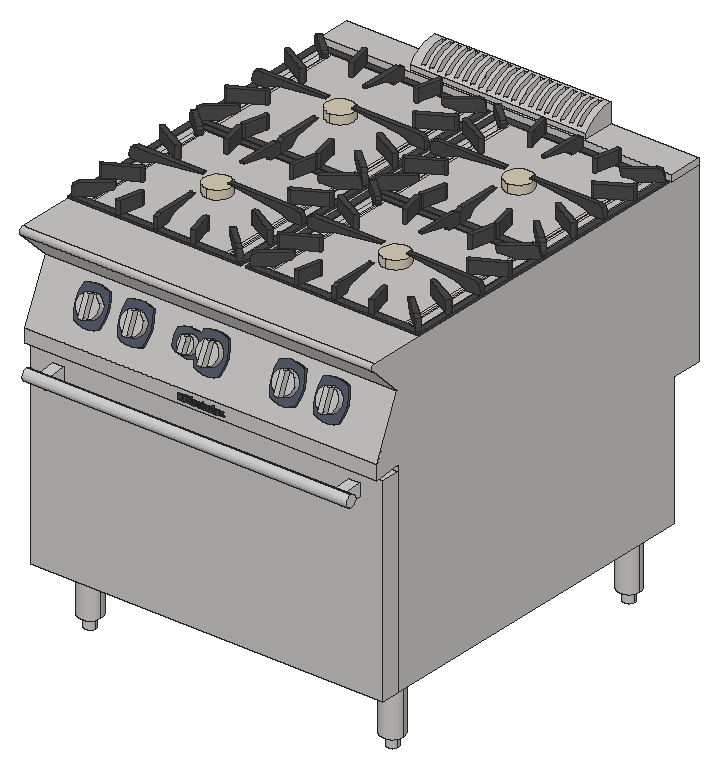
Revit family "QF_ELECTROLUXPROFESSIONAL_391461_E9AAKABBMEE", category Attrezzature speciali, Revit 2018 (continued)
Automatic sketch dimensions
  Extrusion 12 sketch curve to Extrusion 12 sketch curve = 3.062 mm
  Extrusion 12 sketch curve to Extrusion 12 sketch curve = 2.968 mm
  Extrusion 12 sketch curve to Extrusion 12 sketch curve = 5.044 mm
  Extrusion 12 sketch curve to Extrusion 12 sketch curve = 0.629 mm  (x2)
  Extrusion 12 sketch curve to Extrusion 12 sketch curve = 1.131 mm
  Extrusion 12 sketch curve to Extrusion 12 sketch curve = 0.137 mm
  Extrusion 12 sketch curve to Extrusion 12 sketch curve = 0.027 mm
  Extrusion 12 sketch curve to Extrusion 12 sketch curve = 2.235 mm
  Extrusion 13 sketch curve to Extrusion 1 = 0 mm
  Extrusion 1 to Extrusion 13 sketch curve = 9.61 mm
  Extrusion 13 sketch curve to Extrusion 1 = 0.775 mm
  Extrusion 1 to Extrusion 13 sketch curve = 0.1 mm
  Extrusion 15 sketch curve to plane 12 = 298.908 mm
  plane 5 "FRONT" to Extrusion 15 sketch curve = 18.336 mm
  Extrusion 15 sketch curve to Extrusion 15 sketch curve = 3.343 mm
  Extrusion 15 sketch curve to Extrusion 15 sketch curve = 2.066 mm
  Extrusion 15 sketch curve to Extrusion 15 sketch curve = 0 mm  (x2)
  Extrusion 15 sketch curve to Extrusion 15 sketch curve = 1.593 mm
  Extrusion 15 sketch curve to Extrusion 15 sketch curve = 5.756 mm
  Extrusion 15 sketch curve to Extrusion 15 sketch curve = 4.906 mm
  Extrusion 15 sketch curve to Extrusion 15 sketch curve = 5.312 mm
  plane 5 "FRONT" to Extrusion 15 sketch curve = 9.206 mm
  Extrusion 15 sketch curve to Extrusion 15 sketch curve = 11.3 mm
  Extrusion 15 sketch curve to Extrusion 15 sketch curve = 28.009 mm
  Extrusion 15 sketch curve to Extrusion 15 sketch curve = 2.83 mm
  Extrusion 16 sketch curve to plane 12 = 298.908 mm
  plane 5 "FRONT" to Extrusion 16 sketch curve = 18.336 mm
  Extrusion 16 sketch curve to Extrusion 16 sketch curve = 3.343 mm
  Extrusion 16 sketch curve to Extrusion 16 sketch curve = 2.066 mm
  Extrusion 16 sketch curve to Extrusion 16 sketch curve = 0 mm  (x2)
  Extrusion 16 sketch curve to Extrusion 16 sketch curve = 1.593 mm
  Extrusion 16 sketch curve to Extrusion 16 sketch curve = 5.756 mm
  Extrusion 16 sketch curve to Extrusion 16 sketch curve = 4.906 mm
  Extrusion 16 sketch curve to Extrusion 16 sketch curve = 5.312 mm
  plane 5 "FRONT" to Extrusion 16 sketch curve = 9.206 mm
  Extrusion 16 sketch curve to Extrusion 16 sketch curve = 11.3 mm
  Extrusion 16 sketch curve to Extrusion 16 sketch curve = 28.009 mm
  Extrusion 16 sketch curve to Extrusion 16 sketch curve = 11.2 mm
  plane 5 "FRONT" to Extrusion 19 sketch curve = 0 mm  (x2)
  plane 1 "BACK" to Extrusion 19 sketch curve = 0 mm
  Extrusion 19 sketch curve to plane 3 "LEFT" = 0 mm
  Extrusion 19 sketch curve to plane 4 "RIGHT" = 0 mm
  Extrusion 19 sketch curve to plane 3 "LEFT" = 100.013 mm
  Extrusion 19 sketch curve to Extrusion 19 sketch curve = 100.013 mm
  Extrusion 19 sketch curve to plane 1 "BACK" = 100.013 mm
  Extrusion 1 sketch curve to plane 5 "FRONT" = 7.973 mm
  Extrusion 1 sketch curve to plane 5 "FRONT" = 13.51 mm
  plane 15 to Extrusion 1 sketch curve = 57.381 mm
  Extrusion 15 sketch curve to plane 5 "FRONT" = 29.472 mm
  Extrusion 16 sketch curve to plane 5 "FRONT" = 29.472 mm
  Extrusion 17 sketch curve to Extrusion 13 = 0 mm  (x2)
  Extrusion 17 sketch curve to Extrusion 13 = 3.712 mm
  Extrusion 17 sketch curve to Extrusion 13 = 0.003 mm
  Extrusion 13 to Extrusion 17 sketch curve = 3.53 mm
  plane 4 "RIGHT" to Revolve 3 sketch curve = 55.563 mm
  Revolve 3 sketch curve to Revolve 3 sketch curve = 0 mm
  plane 4 "RIGHT" to Revolve 4 sketch curve = 55.562 mm
  Revolve 4 sketch curve to Revolve 4 sketch curve = 0 mm
  Extrusion 9 sketch curve to Extrusion 9 sketch curve = 15.898 mm
  plane 5 "FRONT" to curve 1 = 0 mm
  curve 10 to plane 3 "LEFT" = 0 mm
  plane 17 to curve 10 = 0 mm
  curve 8 to plane 4 "RIGHT" = 0 mm
  plane 5 "FRONT" to curve 6 = 0 mm
  curve 1 to plane 3 "LEFT" = 100.013 mm
  plane 4 "RIGHT" to curve 10 = 0.1 mm
  curve 3 to plane 4 "RIGHT" = 100.013 mm
  curve 3 to plane 5 "FRONT" = 0.396 mm
  curve 11 to plane 5 "FRONT" = 1.275 mm
  plane 11 to curve 7 = 4.762 mm
  curve 2 to plane 1 "BACK" = 100.013 mm
  plane 13 to curve 13 = 25.075 mm
  plane 13 to curve 20 = 5.2 mm
  curve 22 to plane 13 = 20.2 mm
  curve 17 to plane 19 = 20.2 mm
  plane 19 to curve 23 = 5.2 mm
  plane 5 "FRONT" to curve 15 = 7.706 mm
  curve 15 to curve 15 = 19.875 mm
  curve 12 to curve 15 = 25.4 mm
  curve 17 to curve 17 = 23.508 mm
  curve 12 to curve 20 = 9.598 mm
  curve 18 to curve 17 = 7.706 mm
  curve 19 to curve 20 = 7.706 mm
  plane 1 "BACK" to curve 26 = 0 mm
  curve 24 to plane 13 = 144 mm
  plane 1 "BACK" to curve 106 = 6.761 mm
  curve 24 to curve 106 = 20.698 mm
  curve 105 to curve 103 = 9.296 mm
  curve 103 to curve 102 = 9.397 mm
  curve 100 to curve 99 = 9.296 mm
  curve 99 to curve 97 = 9.397 mm
  curve 97 to curve 98 = 9.296 mm
  curve 95 to curve 93 = 9.397 mm
  curve 93 to curve 94 = 9.296 mm
  curve 91 to curve 88 = 9.397 mm
  curve 89 to curve 87 = 9.296 mm
  curve 87 to curve 85 = 9.397 mm
  curve 85 to curve 86 = 9.296 mm
  curve 83 to curve 82 = 9.397 mm
  curve 81 to curve 82 = 9.296 mm
  curve 79 to curve 78 = 9.397 mm
  curve 77 to curve 78 = 9.296 mm
  curve 75 to curve 72 = 9.397 mm
  curve 72 to curve 72 = 9.296 mm
  curve 71 to curve 68 = 9.397 mm
  curve 67 to plane 7 "Center Y" = 1.823 mm
  plane 7 "Center Y" to curve 65 = 7.574 mm
  curve 64 to curve 64 = 9.296 mm
  curve 63 to curve 61 = 9.397 mm
  curve 61 to curve 59 = 9.296 mm
  curve 59 to curve 57 = 9.397 mm
  curve 57 to curve 55 = 9.296 mm
  curve 55 to curve 53 = 9.397 mm
  curve 53 to curve 51 = 9.296 mm
  curve 51 to curve 48 = 9.397 mm
  curve 49 to curve 47 = 9.296 mm
  curve 47 to curve 45 = 9.397 mm
  curve 45 to curve 46 = 9.296 mm
  curve 43 to curve 41 = 9.397 mm
  curve 41 to curve 42 = 9.296 mm
  curve 39 to curve 37 = 9.397 mm
  curve 37 to curve 38 = 9.296 mm
  curve 35 to curve 32 = 9.397 mm
  curve 33 to curve 31 = 9.296 mm
  curve 31 to curve 28 = 9.397 mm
  curve 29 to curve 27 = 9.296 mm
  curve 30 to curve 26 = 14.847 mm
  plane 11 to curve 26 = 11.113 mm
  plane 11 to curve 104 = 17.052 mm
  plane 11 to curve 100 = 17.052 mm
  curve 100 to curve 96 = 0 mm
  curve 25 to curve 27 = 5.939 mm
  curve 95 to curve 93 = 0 mm
  curve 31 to curve 28 = 0 mm
  curve 91 to curve 89 = 0 mm
  curve 35 to curve 32 = 0 mm
  curve 87 to curve 85 = 0 mm
  curve 39 to curve 36 = 0 mm
  curve 83 to curve 81 = 0 mm
  curve 43 to curve 40 = 0 mm
  curve 79 to curve 77 = 0 mm
  curve 47 to curve 44 = 0 mm
  curve 75 to curve 73 = 0 mm
  curve 51 to curve 48 = 0 mm
  curve 71 to curve 69 = 0 mm
  curve 55 to curve 52 = 0 mm
  curve 67 to curve 65 = 0 mm
  curve 59 to curve 56 = 0 mm
  plane 1 "BACK" to curve 62 = 6.761 mm
  plane 1 "BACK" to curve 63 = 6.761 mm
  plane 1 "BACK" to curve 58 = 6.761 mm
  plane 1 "BACK" to curve 67 = 6.761 mm
  plane 1 "BACK" to curve 54 = 6.761 mm
  plane 1 "BACK" to curve 50 = 6.761 mm
  plane 1 "BACK" to curve 73 = 6.761 mm
  plane 1 "BACK" to curve 75 = 6.761 mm
  plane 1 "BACK" to curve 46 = 6.761 mm
  plane 1 "BACK" to curve 42 = 6.761 mm
  plane 1 "BACK" to curve 81 = 6.761 mm
  plane 1 "BACK" to curve 38 = 6.761 mm
  plane 1 "BACK" to curve 85 = 6.761 mm
  plane 1 "BACK" to curve 34 = 6.761 mm
  plane 1 "BACK" to curve 89 = 6.761 mm
  plane 1 "BACK" to curve 91 = 6.761 mm
  plane 1 "BACK" to curve 30 = 6.761 mm
  plane 1 "BACK" to curve 101 = 6.761 mm
  plane 1 "BACK" to curve 97 = 6.761 mm
  radius of Extrusion 10 sketch curve = 25.4 mm  (x5)
  radius of Extrusion 10 sketch curve = 19.05 mm
  radius of Extrusion 11 sketch curve to Extrusion 10 = 0 mm  (x6)
  radius of Extrusion 14 sketch curve to Extrusion 16 = 0 mm
  radius of Extrusion 18 sketch curve = 6.4 mm  (x2)
Nested families
  nested 1: "371009_BURNER" at (393.7, -440.488, 0) x (-1, 0, 0) z (0, 0, 1), type "371009_BURNER"
    with Type Mark "", Status "", Specification by User "", Revision Code "", Item Number "", Installed By "", Identify Quantity as Lot yes, Furnished By "", Foodservice Equipment Identifier yes
  nested 2: "371009_BURNER" at (393.7, -440.488, 0) x (-1, 0, 0) z (0, 0, 1), type "371009_BURNER"
    with Type Mark "", Status "", Specification by User "", Revision Code "", Item Number "", Installed By "", Identify Quantity as Lot yes, Furnished By "", Foodservice Equipment Identifier yes
  nested 3: "371009_BURNER" at (406.4, -440.488, 0), type "371009_BURNER"
    with Type Mark "", Status "", Specification by User "", Revision Code "", Item Number "", Installed By "", Identify Quantity as Lot yes, Furnished By "", Foodservice Equipment Identifier yes
  nested 4: "371009_BURNER" at (406.4, -440.488, 0), type "371009_BURNER"
    with Type Mark "", Status "", Specification by User "", Revision Code "", Item Number "", Installed By "", Identify Quantity as Lot yes, Furnished By "", Foodservice Equipment Identifier yes
Connectors
  piping at (749.3, -665.163, 128.587), diameter 12.8
    settings: on Extrusion 18, index 1, connector inside diameter 0.50394", connector length 0 mm, flow factor 0, pipe flow 0 GPM, pressure drop 0.00 psi, fitting loss kfactor 0, connector angle 0.00°, fixture units 0, engagement length 0 mm, angle of deflection 0.00°, flow configuration 1, flow direction 1, fitting loss method 0, system type 7, joint type 0, gender type 0, connector reference index -1, connector utility 0, adjustable connector no, is connector primary yes, connector description "GAS CONNECTION"
Definition of nested family "371009_BURNER"
  Parameters
    Weight in Pounds = 0
    URL Cutsheet = ""
    URL = "www.electrolux.com"
    Type Mark [instance] = ""
    Status [instance] = ""
    Specification by User [instance] = ""
    Specification by Manufacturer = ""
    Show Clearance [instance] = yes
    Serial Number = ""
    Seismic Rating = ""
    SMACNA No = ""
    Revision Code [instance] = ""
    Omniclass Number and Title = ""
    NAFEM Spec ID Number = ""
    Model = "371009"
    Masterspec = ""
    Manufacturer = "ELECTROLUX"
    Item Number [instance] = ""
    Installed By [instance] = ""
    Identify Quantity as Lot [instance] = yes
    Furnished By [instance] = ""
    Foodservice Equipment Identifier [instance] = yes
    Description = ""
    CSI MasterFormat = ""
    CSI Master Format = ""
  Reference planes
    plane 1 "BACK": y = 0
    plane 2: z = 0
    plane 3 "LEFT": x = 0
    plane 4 "RIGHT": x = 393.7
    plane 5 "FRONT": y = -355.6
    plane 6 "TOP": z = 908.85
    plane 7 "Center Y": x = 196.85
    plane 8 "Center X": y = -177.8
    plane 9 "Base": z = 150
    plane 10: z = 850.85
  Forms (mm)
    Extrusion 1, solid
      sketch origin (-6.433, -404.961, 5) x (1, 0, 0) y (0, 0, -1)
        loop
          arc (7.142, -850.85) -> (6.739, -862.989) -> (9.761, -874.752) r 42.809
          line (9.761, -874.752) -> (19.961, -879.425) -> (173.122, -879.425)
          arc (173.122, -879.425) -> (174.316, -878.312) -> (173.289, -877.043) r 1.197
          line (173.289, -877.043) -> (64.848, -864.021)
          arc (64.848, -864.021) -> (50.111, -858.738) -> (36.589, -850.85) r 85.245
          line (36.589, -850.85) -> (7.142, -850.85)
        loop
          line (399.424, -850.85) -> (369.977, -850.85)
          arc (369.977, -850.85) -> (356.455, -858.738) -> (341.718, -864.021) r 85.245
          line (341.718, -864.021) -> (233.277, -877.043)
          arc (233.277, -877.043) -> (232.25, -878.312) -> (233.444, -879.425) r 1.197
          line (233.444, -879.425) -> (386.605, -879.425) -> (396.806, -874.752)
          arc (396.806, -874.752) -> (399.827, -862.989) -> (399.424, -850.85) r 42.809
      from 224.564 to 234.564
    Extrusion 2, solid
      sketch origin (196.85, 175.397, 1219.2) x (0, 1, 0) y (0, 0, 1)
        loop
          line (-204.463, -363.35) -> (-175.397, -363.35) -> (-175.397, -339.506)
          arc (-175.397, -339.506) -> (-181.025, -338.266) -> (-185.611, -334.775) r 13.39
          line (-185.611, -334.775) -> (-278.903, -334.775)
          arc (-278.903, -334.775) -> (-280.097, -335.888) -> (-279.07, -337.157) r 1.197
          line (-279.07, -337.157) -> (-227.151, -347.464)
          arc (-227.151, -347.464) -> (-213.741, -352.457) -> (-204.463, -363.35) r 28.426
        loop
          arc (-496.332, -363.35) -> (-487.053, -352.457) -> (-473.644, -347.464) r 28.426
          line (-473.644, -347.464) -> (-421.725, -337.157)
          arc (-421.725, -337.157) -> (-420.697, -335.888) -> (-421.891, -334.775) r 1.197
          line (-421.891, -334.775) -> (-515.184, -334.775)
          arc (-515.184, -334.775) -> (-519.769, -338.266) -> (-525.397, -339.506) r 13.39
          line (-525.397, -339.506) -> (-525.397, -363.35) -> (-496.332, -363.35)
      from -5 to 5
    Extrusion 3, solid
      sketch origin (-6.433, 367.064, 850.85) x (0, -1, 0) y (1, 0, 0)
        loop
          line (722.664, 6.433) -> (722.664, 400.133) -> (367.064, 400.133) -> (367.064, 6.433) -> (722.664, 6.433)
        loop
          line (382.064, 21.433) -> (707.664, 21.433) -> (707.664, 385.133) -> (382.064, 385.133) -> (382.064, 21.433)
      from 0 to 5
    Extrusion 4, solid
      sketch origin (-18.933, 367.064, 855.85) x (0, -1, 0) y (1, 0, 0)
        loop
          circle (541.667, 215.783) r 30
      from -1.321 to 17.134
    Extrusion 5, solid
      sketch origin (-6.433, -367.064, 0) x (1, 0, 0) y (0, 0, -1)
        loop
          line (21.433, -855.85) -> (36.589, -855.85)
          arc (36.589, -855.85) -> (40.561, -855.243) -> (44.305, -853.783) r 18.259
          arc (44.305, -853.783) -> (45.997, -853.366) -> (47.69, -853.783) r 3.649
          arc (47.69, -853.783) -> (49.901, -854.522) -> (52.232, -854.529) r 7.328
          line (52.232, -854.529) -> (354.334, -854.529)
          arc (354.334, -854.529) -> (356.666, -854.522) -> (358.877, -853.783) r 7.328
          arc (358.877, -853.783) -> (360.569, -853.366) -> (362.261, -853.783) r 3.649
          arc (362.261, -853.783) -> (366.005, -855.243) -> (369.977, -855.85) r 18.259
          line (369.977, -855.85) -> (385.133, -855.85) -> (385.133, -850.85) -> (21.433, -850.85) -> (21.433, -855.85)
      from 26.464 to 352.064
    Extrusion 6, solid
      sketch origin (83.284, -458.334, 5) x (0.742103, 0.670286, 0) y (0, 0, -1)
        loop
          arc (88.629, -864.012) -> (73.909, -858.731) -> (60.402, -850.85) r 85.245
          line (60.402, -850.85) -> (14.993, -850.85)
          arc (14.993, -850.85) -> (14.642, -862.948) -> (17.686, -874.663) r 42.876
          line (17.686, -874.663) -> (27.899, -879.425) -> (89.664, -879.425)
          arc (89.664, -879.425) -> (92.39, -878.352) -> (93.654, -875.709) r 4
          arc (93.654, -875.709) -> (92.562, -869.25) -> (88.629, -864.012) r 13.87
        loop
          arc (457.638, -864.012) -> (453.704, -869.25) -> (452.613, -875.709) r 13.87
          arc (452.613, -875.709) -> (453.876, -878.352) -> (456.603, -879.425) r 4
          line (456.603, -879.425) -> (518.367, -879.425) -> (528.581, -874.663)
          arc (528.581, -874.663) -> (531.624, -862.948) -> (531.273, -850.85) r 42.876
          line (531.273, -850.85) -> (485.865, -850.85)
          arc (485.865, -850.85) -> (472.357, -858.731) -> (457.638, -864.012) r 85.245
      from 127.064 to 137.064
    Extrusion 7, solid
      sketch origin (310.416, -458.334, 5) x (-0.742103, 0.670286, 0) y (0, 0, 1)
        loop
          arc (88.629, 864.012) -> (92.562, 869.25) -> (93.654, 875.709) r 13.87
          arc (93.654, 875.709) -> (92.39, 878.352) -> (89.664, 879.425) r 4
          line (89.664, 879.425) -> (27.899, 879.425) -> (17.686, 874.663)
          arc (17.686, 874.663) -> (14.642, 862.948) -> (14.993, 850.85) r 42.876
          line (14.993, 850.85) -> (60.402, 850.85)
          arc (60.402, 850.85) -> (73.909, 858.731) -> (88.629, 864.012) r 85.245
        loop
          arc (457.638, 864.012) -> (472.357, 858.731) -> (485.865, 850.85) r 85.245
          line (485.865, 850.85) -> (531.273, 850.85)
          arc (531.273, 850.85) -> (531.624, 862.948) -> (528.581, 874.663) r 42.876
          line (528.581, 874.663) -> (518.367, 879.425) -> (456.603, 879.425)
          arc (456.603, 879.425) -> (453.876, 878.352) -> (452.613, 875.709) r 4
          arc (452.613, 875.709) -> (453.704, 869.25) -> (457.638, 864.012) r 13.87
      from 127.064 to 137.064
    Extrusion 8, solid
      sketch origin (-6.433, 367.064, 855.85) x (0, -1, 0) y (1, 0, 0)
        loop
          arc (626.166, 9.428) -> (632.956, 7.454) -> (634.93, 14.244) r 5
          line (634.93, 14.244) -> (600.514, 76.878)
          arc (600.514, 76.878) -> (593.724, 78.852) -> (591.75, 72.062) r 5
          line (591.75, 72.062) -> (626.166, 9.428)
        loop
          line (463.562, 9.428) -> (497.977, 72.062)
          arc (497.977, 72.062) -> (496.003, 78.852) -> (489.213, 76.878) r 5
          line (489.213, 76.878) -> (454.798, 14.244)
          arc (454.798, 14.244) -> (456.772, 7.454) -> (463.562, 9.428) r 5
        loop
          line (626.166, 397.138) -> (591.75, 334.504)
          arc (591.75, 334.504) -> (593.724, 327.714) -> (600.514, 329.689) r 5
          line (600.514, 329.689) -> (634.93, 392.323)
          arc (634.93, 392.323) -> (632.956, 399.113) -> (626.166, 397.138) r 5
        loop
          arc (463.562, 397.138) -> (456.772, 399.113) -> (454.798, 392.323) r 5
          line (454.798, 392.323) -> (489.213, 329.689)
          arc (489.213, 329.689) -> (496.003, 327.714) -> (497.977, 334.504) r 5
          line (497.977, 334.504) -> (463.562, 397.138)
        loop
          line (715.14, 293.499) -> (666.703, 282.317)
          arc (666.703, 282.317) -> (662.956, 276.32) -> (668.953, 272.573) r 5
          line (668.953, 272.573) -> (717.389, 283.756)
          arc (717.389, 283.756) -> (721.136, 289.752) -> (715.14, 293.499) r 5
        loop
          arc (715.14, 113.067) -> (721.136, 116.814) -> (717.389, 122.811) r 5
          line (717.389, 122.811) -> (668.953, 133.993)
          arc (668.953, 133.993) -> (662.956, 130.246) -> (666.703, 124.249) r 5
          line (666.703, 124.249) -> (715.14, 113.067)
        loop
          arc (374.588, 293.499) -> (368.591, 289.752) -> (372.338, 283.756) r 5
          line (372.338, 283.756) -> (420.775, 272.573)
          arc (420.775, 272.573) -> (426.771, 276.32) -> (423.024, 282.317) r 5
          line (423.024, 282.317) -> (374.588, 293.499)
        loop
          line (374.588, 113.067) -> (423.024, 124.249)
          arc (423.024, 124.249) -> (426.771, 130.246) -> (420.775, 133.993) r 5
          line (420.775, 133.993) -> (372.338, 122.811)
          arc (372.338, 122.811) -> (368.591, 116.814) -> (374.588, 113.067) r 5
      from 0 to 28.575
  Lines and regions (mm)
    symbolic lines
      curve 1: line (0, -355.6, 150) -> (393.7, -355.6, 150)
      curve 2: line (0, 0, 150) -> (0, -355.6, 150)
      curve 3: line (393.7, -355.6, 150) -> (393.7, 0, 150)
      curve 4: line (369.633, -15, 150) -> (285.34, -15, 150)
      curve 5: line (24.067, -340.6, 150) -> (108.36, -340.6, 150)
      curve 6: line (157.475, -170.397, 150) -> (157.475, -15, 150)
      curve 7: line (236.225, -170.397, 150) -> (236.225, -15, 150)
      curve 8: line (201.85, -350, 150) -> (201.85, -176.674, 150)
      curve 9: line (0, -180.397, 150) -> (167.224, -180.397, 150)
      curve 10: line (393.7, -170.397, 150) -> (228.275, -170.397, 150)
      curve 11: line (15, -180.397, 150) -> (15, -252.506, 150)
      curve 12: line (45.799, -340.6, 150) -> (45.799, -320.971, 150)
      curve 13: line (167.224, -170.397, 150) -> (0, -170.397, 150)
      curve 14: line (228.275, -180.504, 150) -> (393.7, -180.504, 150)
      curve 15: arc (228.275, -170.397, 150) -> (223.221, -175.45, 150) -> (228.275, -180.504, 150) r 5.054
      curve 16: arc (167.224, -170.397, 150) -> (172.224, -175.397, 150) -> (167.224, -180.397, 150) r 5
      curve 17: line (191.85, -176.674, 150) -> (191.85, -350, 150)
      curve 18: line (201.85, -134.556, 150) -> (201.85, -0.794, 150)
      curve 19: arc (201.85, -176.674, 150) -> (196.85, -171.674, 150) -> (191.85, -176.674, 150) r 5
      curve 20: arc (201.85, -134.556, 150) -> (196.85, -139.556, 150) -> (191.85, -134.556, 150) r 5
      curve 21: line (191.85, -15, 150) -> (118.623, -15, 150)
      curve 22: arc (201.85, -29.042, 150) -> (213.272, -50.008, 150) -> (201.85, -70.973, 150) r 24.953
      curve 23: arc (213.086, -53.048, 150) -> (214.5, -50.008, 150) -> (213.086, -46.967, 150) r 3.975
      curve 24: arc (191.85, -29.852, 150) -> (181.339, -50.008, 150) -> (191.85, -70.163, 150) r 24.58
      curve 25: arc (181.527, -53.042, 150) -> (179.976, -50.008, 150) -> (181.527, -46.973, 150) r 3.745
      curve 26: line (191.85, -0.794, 150) -> (191.85, -134.556, 150)
      curve 27: line (191.85, -350, 150) -> (201.85, -350, 150)
      curve 28: line (191.85, -11.007, 150) -> (201.85, -11.007, 150)
      curve 29: line (191.85, -0.794, 150) -> (201.85, -0.794, 150)
      curve 30: line (201.85, -340.6, 150) -> (275.077, -340.6, 150)
      curve 31: arc (196.85, -145.397, 0) -> (166.955, -172.888, 0) -> (191.85, -204.977, 0) r 30
      curve 32: arc (201.85, -204.977, 0) -> (226.745, -172.888, 0) -> (196.85, -145.397, 0) r 30
      curve 33: arc (158.678, -180.397, 0) -> (170.734, -200.207, 0) -> (191.85, -209.795, 0) r 39.375
      curve 34: line (163.825, -170.397, 150) -> (163.825, -15, 150)
      curve 35: line (229.875, -170.397, 150) -> (229.875, -15, 150)
      curve 36: line (144.775, -170.397, 150) -> (144.775, -15, 150)
      curve 37: line (248.925, -170.397, 150) -> (248.925, -15, 150)
      curve 38: arc (145.678, -180.397, 0) -> (161.728, -209.187, 0) -> (191.85, -222.573, 0) r 52.075
      curve 39: arc (201.85, -209.795, 0) -> (222.966, -200.207, 0) -> (235.022, -180.397, 0) r 39.375
      curve 40: arc (201.85, -222.573, 0) -> (231.931, -209.224, 0) -> (248.001, -180.504, 0) r 52.075
      curve 41: line (393.7, 0, 0) -> (0, 0, 0)
      curve 42: line (70.445, -122.149, 0) -> (7.81, -87.734, 0)
      curve 43: arc (7.81, -87.734, 0) -> (1.021, -89.708, 0) -> (2.995, -96.498, 0) r 5
      curve 44: line (2.995, -96.498, 0) -> (65.629, -130.914, 0)
      curve 45: arc (65.629, -130.914, 0) -> (72.419, -128.939, 0) -> (70.445, -122.149, 0) r 5
      curve 46: line (65.629, -224.686, 0) -> (2.995, -259.102, 0)
      curve 47: arc (2.995, -259.102, 0) -> (1.021, -265.892, 0) -> (7.81, -267.866, 0) r 5
      curve 48: line (7.81, -267.866, 0) -> (70.445, -233.451, 0)
      curve 49: arc (70.445, -233.451, 0) -> (72.419, -226.661, 0) -> (65.629, -224.686, 0) r 5
      curve 50: line (323.255, -122.149, 0) -> (385.89, -87.734, 0)
      curve 51: arc (385.89, -87.734, 0) -> (392.679, -89.708, 0) -> (390.705, -96.498, 0) r 5
      curve 52: line (390.705, -96.498, 0) -> (328.071, -130.914, 0)
      curve 53: arc (328.071, -130.914, 0) -> (321.281, -128.939, 0) -> (323.255, -122.149, 0) r 5
      curve 54: line (328.071, -224.686, 0) -> (390.705, -259.102, 0)
      curve 55: arc (390.705, -259.102, 0) -> (392.679, -265.892, 0) -> (385.89, -267.866, 0) r 5
      curve 56: line (385.89, -267.866, 0) -> (323.255, -233.451, 0)
      curve 57: arc (323.255, -233.451, 0) -> (321.281, -226.661, 0) -> (328.071, -224.686, 0) r 5
      curve 58: line (118.623, -340.6, 150) -> (191.85, -340.6, 150)
      curve 59: line (285.34, -340.6, 150) -> (369.633, -340.6, 150)
      curve 60: line (378.7, -335.314, 0) -> (378.7, -263.916, 0)
      curve 61: line (1.326, -7.935, 0) -> (58.752, -59.804, 0)
      curve 62: line (65.455, -52.383, 0) -> (8.029, -0.514, 0)
      curve 63: arc (58.752, -59.804, 0) -> (65.814, -59.445, 0) -> (65.455, -52.383, 0) r 5
      curve 64: line (1.326, -7.935, 0) -> (8.029, -0.514, 0)
      curve 65: line (392.374, -7.935, 0) -> (334.948, -59.804, 0)
      curve 66: line (328.245, -52.383, 0) -> (385.671, -0.514, 0)
      curve 67: arc (334.948, -59.804, 0) -> (327.886, -59.445, 0) -> (328.245, -52.383, 0) r 5
      curve 68: line (392.374, -7.935, 0) -> (385.671, -0.514, 0)
      curve 69: line (392.374, -347.665, 0) -> (334.948, -295.796, 0)
      curve 70: line (328.245, -303.217, 0) -> (385.671, -355.086, 0)
      curve 71: arc (334.948, -295.796, 0) -> (327.886, -296.155, 0) -> (328.245, -303.217, 0) r 5
      curve 72: line (392.374, -347.665, 0) -> (385.671, -355.086, 0)
      curve 73: line (1.326, -347.665, 0) -> (58.752, -295.796, 0)
      curve 74: line (65.455, -303.217, 0) -> (8.029, -355.086, 0)
      curve 75: arc (58.752, -295.796, 0) -> (65.814, -296.155, 0) -> (65.455, -303.217, 0) r 5
      curve 76: line (1.326, -347.665, 0) -> (8.029, -355.086, 0)
      curve 77: line (347.901, -15, 0) -> (347.901, -34.629, 0)
      curve 78: line (347.901, -320.971, 0) -> (347.901, -340.6, 0)
      curve 79: line (378.7, -252.506, 0) -> (378.7, -180.397, 0)
      curve 80: line (347.901, -246.993, 0) -> (347.901, -307.496, 0)
      curve 81: line (378.7, -170.397, 0) -> (378.7, -103.094, 0)
      curve 82: line (347.901, -180.397, 0) -> (347.901, -235.582, 0)
      curve 83: line (378.7, -91.684, 0) -> (378.7, -20.286, 0)
      curve 84: line (347.901, -120.018, 0) -> (347.901, -170.397, 0)
      curve 85: line (347.901, -48.104, 0) -> (347.901, -108.607, 0)
      curve 86: line (275.077, -15, 150) -> (201.85, -15, 150)
      curve 87: line (108.36, -15, 150) -> (24.067, -15, 150)
      curve 88: line (45.799, -40, 150) -> (45.799, -15, 150)
      curve 89: line (45.799, -108.607, 150) -> (45.799, -40, 150)
      curve 90: line (15, -20.286, 0) -> (15, -91.684, 0)
      curve 91: line (15, -103.094, 0) -> (15, -170.397, 0)
      curve 92: line (45.799, -170.397, 150) -> (45.799, -120.018, 150)
      curve 93: line (45.799, -235.582, 150) -> (45.799, -180.397, 150)
      curve 94: line (15, -263.916, 150) -> (15, -335.314, 150)
      curve 95: line (45.799, -307.496, 150) -> (45.799, -246.993, 150)
      curve 96: line (116.378, -350.325, 0) -> (127.56, -301.889, 0)
      curve 97: arc (127.56, -301.889, 0) -> (123.813, -295.892, 0) -> (117.816, -299.64, 0) r 5
      curve 98: line (117.816, -299.64, 0) -> (106.634, -348.076, 0)
      curve 99: arc (106.634, -348.076, 0) -> (110.381, -354.072, 0) -> (116.378, -350.325, 0) r 5
      curve 100: line (266.14, -301.889, 0) -> (277.322, -350.325, 0)
      curve 101: arc (277.322, -350.325, 0) -> (283.319, -354.072, 0) -> (287.066, -348.076, 0) r 5
      curve 102: line (287.066, -348.076, 0) -> (275.884, -299.64, 0)
      curve 103: arc (275.884, -299.64, 0) -> (269.887, -295.892, 0) -> (266.14, -301.889, 0) r 5
      curve 104: line (275.884, -55.96, 0) -> (287.066, -7.524, 0)
      curve 105: arc (287.066, -7.524, 0) -> (283.319, -1.528, 0) -> (277.322, -5.275, 0) r 5
      curve 106: line (277.322, -5.275, 0) -> (266.14, -53.711, 0)
      curve 107: arc (266.14, -53.711, 0) -> (269.887, -59.708, 0) -> (275.884, -55.96, 0) r 5
      curve 108: line (127.56, -53.711, 0) -> (116.378, -5.275, 0)
      curve 109: arc (116.378, -5.275, 0) -> (110.381, -1.528, 0) -> (106.634, -7.524, 0) r 5
      curve 110: line (106.634, -7.524, 0) -> (117.816, -55.96, 0)
      curve 111: arc (117.816, -55.96, 0) -> (123.813, -59.708, 0) -> (127.56, -53.711, 0) r 5
  Dimensions and locks
    equal spacing: plane 3 "LEFT", plane 7 "Center Y", plane 4 "RIGHT"
    plane 3 "LEFT" to plane 4 "RIGHT" = 393.7 mm
    equal spacing: plane 5 "FRONT", plane 8 "Center X", plane 1 "BACK"
    plane 5 "FRONT" to plane 1 "BACK" = 355.6 mm
    plane 6 "TOP" to level = 908.85 mm
    plane 9 "Base" to level = 150 mm
    plane 6 "TOP" to plane 10 = 58 mm  (x2)
    locked: Extrusion 4 sketch curve to plane 7 "Center Y" at 0
    aligned and locked: level to plane 2
  Automatic sketch dimensions
    curve 10 to plane 4 "RIGHT" = 0 mm
    curve 20 to plane 7 "Center Y" = 0 mm
    curve 19 to plane 7 "Center Y" = 0 mm
    curve 9 to plane 3 "LEFT" = 0 mm
    plane 1 "BACK" to curve 2 = 0 mm
    plane 1 "BACK" to curve 3 = 0 mm
    plane 5 "FRONT" to curve 2 = 0 mm
    curve 4 to plane 4 "RIGHT" = 24.067 mm
    curve 59 to plane 4 "RIGHT" = 24.067 mm
    plane 1 "BACK" to curve 37 = 15 mm
    plane 7 "Center Y" to curve 37 = 52.075 mm
    curve 37 to curve 7 = 12.7 mm
    curve 7 to curve 35 = 6.35 mm
    plane 8 "Center X" to curve 15 = 2.35 mm
    curve 35 to curve 15 = 1.6 mm
    plane 7 "Center Y" to curve 23 = 16.236 mm
    curve 23 to curve 23 = 0 mm
    curve 23 to curve 23 = 2.56 mm
    curve 23 to curve 24 = 4.607 mm
    plane 7 "Center Y" to curve 86 = 5 mm
    plane 7 "Center Y" to curve 27 = 5 mm
    curve 22 to plane 7 "Center Y" = 8.531 mm
    curve 22 to curve 25 = 4.597 mm
    curve 25 to curve 25 = 2.194 mm  (x2)
    curve 9 to plane 8 "Center X" = 2.597 mm
    curve 17 to curve 9 = 24.626 mm
    curve 21 to curve 34 = 28.025 mm
    curve 34 to curve 6 = 6.35 mm
    plane 8 "Center X" to curve 36 = 7.403 mm
    curve 6 to curve 36 = 12.7 mm
    plane 3 "LEFT" to curve 12 = 45.799 mm
    plane 3 "LEFT" to curve 87 = 24.067 mm
    plane 3 "LEFT" to curve 5 = 24.067 mm
    plane 1 "BACK" to curve 26 = 0.794 mm
    curve 28 to curve 86 = 3.993 mm
    curve 28 to curve 21 = 3.993 mm
    curve 86 to curve 22 = 14.042 mm
    curve 22 to curve 24 = 0.81 mm
    curve 22 to curve 23 = 17.925 mm
    curve 25 to curve 22 = 3.035 mm
    plane 8 "Center X" to curve 26 = 43.244 mm
    curve 15 to curve 15 = 5.054 mm
    plane 8 "Center X" to curve 17 = 1.126 mm
    curve 94 to curve 12 = 5.286 mm
    curve 58 to plane 5 "FRONT" = 15 mm
    curve 59 to plane 5 "FRONT" = 15 mm
    curve 8 to plane 5 "FRONT" = 5.6 mm
    plane 3 "LEFT" to Extrusion 1 sketch curve = 0.709 mm
    plane 3 "LEFT" to Extrusion 1 sketch curve = 3.327 mm
    Extrusion 1 sketch curve to Extrusion 1 sketch curve = 10.201 mm
    plane 10 to Extrusion 1 sketch curve = 5 mm  (x2)
    Extrusion 1 sketch curve to Extrusion 1 sketch curve = 29.447 mm
    Extrusion 1 sketch curve to Extrusion 1 sketch curve = 12.704 mm  (x2)
    Extrusion 1 sketch curve to Extrusion 1 sketch curve = 15.555 mm  (x2)
    plane 3 "LEFT" to Extrusion 1 sketch curve = 79.689 mm
    Extrusion 1 sketch curve to plane 7 "Center Y" = 30.161 mm
    Extrusion 1 sketch curve to Extrusion 1 sketch curve = 0.167 mm  (x2)
    plane 7 "Center Y" to Extrusion 1 sketch curve = 29.994 mm
    Extrusion 1 sketch curve to plane 4 "RIGHT" = 79.689 mm
    plane 10 to Extrusion 1 sketch curve = 18.171 mm
    Extrusion 1 sketch curve to plane 4 "RIGHT" = 58.415 mm
    Extrusion 1 sketch curve to plane 4 "RIGHT" = 13.528 mm
    Extrusion 1 sketch curve to plane 4 "RIGHT" = 3.327 mm
    Extrusion 1 sketch curve to plane 4 "RIGHT" = 0.709 mm
    Extrusion 1 sketch curve to Extrusion 1 sketch curve = 23.902 mm  (x2)
    Extrusion 1 sketch curve to plane 6 "TOP" = 26.807 mm  (x2)
    Extrusion 1 sketch curve to Extrusion 1 sketch curve = 1.185 mm  (x2)
    Extrusion 1 sketch curve to Extrusion 1 sketch curve = 5.694 mm
    Extrusion 2 sketch curve to plane 1 "BACK" = 0 mm
    plane 1 "BACK" to Extrusion 2 sketch curve = 10.213 mm
    plane 10 to Extrusion 2 sketch curve = 5 mm  (x2)
    plane 1 "BACK" to Extrusion 2 sketch curve = 29.066 mm
    plane 10 to Extrusion 2 sketch curve = 20.886 mm
    Extrusion 2 sketch curve to Extrusion 2 sketch curve = 22.688 mm  (x2)
    Extrusion 2 sketch curve to plane 10 = 7.392 mm  (x2)
    Extrusion 2 sketch curve to plane 6 "TOP" = 24.425 mm
    Extrusion 2 sketch curve to Extrusion 2 sketch curve = 51.752 mm
    Extrusion 2 sketch curve to plane 6 "TOP" = 26.807 mm  (x2)
    Extrusion 2 sketch curve to Extrusion 2 sketch curve = 0.167 mm  (x2)
    Extrusion 2 sketch curve to plane 8 "Center X" = 68.528 mm
    Extrusion 2 sketch curve to plane 5 "FRONT" = 60.248 mm
    Extrusion 2 sketch curve to Extrusion 2 sketch curve = 2.895 mm
    Extrusion 2 sketch curve to plane 5 "FRONT" = 15.813 mm
    Extrusion 2 sketch curve to plane 5 "FRONT" = 5.6 mm
    Extrusion 2 sketch curve to Extrusion 2 sketch curve = 4.731 mm
    Extrusion 2 sketch curve to Extrusion 2 sketch curve = 23.844 mm
    Extrusion 2 sketch curve to Extrusion 2 sketch curve = 1.185 mm
    plane 1 "BACK" to Extrusion 3 sketch curve = 0 mm
    Extrusion 3 sketch curve to plane 3 "LEFT" = 0 mm
    plane 5 "FRONT" to Extrusion 3 sketch curve = 0 mm
    Extrusion 3 sketch curve to plane 4 "RIGHT" = 0 mm
    plane 1 "BACK" to Extrusion 3 sketch curve = 15 mm
    Extrusion 3 sketch curve to plane 5 "FRONT" = 15 mm
    plane 3 "LEFT" to Extrusion 3 sketch curve = 15 mm
    Extrusion 3 sketch curve to plane 4 "RIGHT" = 15 mm
    Extrusion 3 to Extrusion 4 sketch curve = 159.603 mm
    Extrusion 5 sketch curve to plane 10 = 0 mm
    plane 3 "LEFT" to Extrusion 5 sketch curve = 15 mm
    Extrusion 5 sketch curve to Extrusion 5 sketch curve = 14.402 mm
    plane 10 to Extrusion 5 sketch curve = 5 mm
    Extrusion 5 sketch curve to Extrusion 5 sketch curve = 15.156 mm
    plane 10 to Extrusion 5 sketch curve = 2.933 mm  (x3)
    Extrusion 5 sketch curve to Extrusion 5 sketch curve = 7.716 mm  (x2)
    Extrusion 5 sketch curve to Extrusion 5 sketch curve = 0 mm  (x3)
    Extrusion 5 sketch curve to Extrusion 5 sketch curve = 1.692 mm  (x2)
    Extrusion 5 sketch curve to Extrusion 5 sketch curve = 3.385 mm  (x2)
    Extrusion 5 sketch curve to plane 10 = 3.559 mm  (x2)
    plane 10 to Extrusion 5 sketch curve = 3.679 mm
    Extrusion 5 sketch curve to plane 4 "RIGHT" = 45.799 mm
    Extrusion 5 sketch curve to Extrusion 5 sketch curve = 1.143 mm
    Extrusion 5 sketch curve to plane 10 = 13.244 mm
    Extrusion 5 sketch curve to plane 4 "RIGHT" = 15 mm
    plane 10 to Extrusion 6 sketch curve = 5 mm  (x2)
    Extrusion 6 sketch curve to Extrusion 6 sketch curve = 2.692 mm  (x2)
    Extrusion 6 sketch curve to Extrusion 6 sketch curve = 10.213 mm  (x2)
    plane 10 to Extrusion 6 sketch curve = 12.281 mm
    Extrusion 6 sketch curve to Extrusion 6 sketch curve = 29.348 mm  (x2)
    Extrusion 6 sketch curve to Extrusion 6 sketch curve = 3.155 mm  (x2)
    Extrusion 6 sketch curve to Extrusion 6 sketch curve = 22.572 mm
    Extrusion 6 sketch curve to Extrusion 6 sketch curve = 8.81 mm
    Extrusion 6 sketch curve to Extrusion 6 sketch curve = 9.845 mm  (x2)
    Extrusion 6 sketch curve to Extrusion 6 sketch curve = 3.99 mm  (x2)
    Extrusion 6 sketch curve to Extrusion 6 sketch curve = 0 mm  (x2)
    Extrusion 6 sketch curve to Extrusion 6 sketch curve = 49.533 mm
    Extrusion 6 sketch curve to plane 10 = 64.377 mm
    Extrusion 6 sketch curve to Extrusion 6 sketch curve = 326.397 mm
    Extrusion 6 sketch curve to plane 6 "TOP" = 28.141 mm
    Extrusion 6 sketch curve to Extrusion 6 sketch curve = 16.281 mm
    Extrusion 6 sketch curve to Extrusion 6 sketch curve = 1.035 mm
    Extrusion 6 sketch curve to Extrusion 6 sketch curve = 19.417 mm
    Extrusion 6 sketch curve to Extrusion 6 sketch curve = 4.763 mm  (x2)
    Extrusion 6 sketch curve to Extrusion 6 sketch curve = 3.716 mm
    plane 10 to Extrusion 7 sketch curve = 5 mm  (x2)
    Extrusion 7 sketch curve to Extrusion 7 sketch curve = 2.692 mm  (x2)
    Extrusion 7 sketch curve to Extrusion 7 sketch curve = 10.213 mm  (x2)
    plane 10 to Extrusion 7 sketch curve = 12.281 mm
    Extrusion 7 sketch curve to Extrusion 7 sketch curve = 29.348 mm  (x2)
    Extrusion 7 sketch curve to Extrusion 7 sketch curve = 3.155 mm  (x2)
    Extrusion 7 sketch curve to Extrusion 7 sketch curve = 22.572 mm
    Extrusion 7 sketch curve to Extrusion 7 sketch curve = 8.81 mm
    Extrusion 7 sketch curve to Extrusion 7 sketch curve = 9.845 mm  (x2)
    Extrusion 7 sketch curve to Extrusion 7 sketch curve = 3.99 mm  (x2)
    Extrusion 7 sketch curve to Extrusion 7 sketch curve = 0 mm  (x2)
    Extrusion 7 sketch curve to Extrusion 7 sketch curve = 21.306 mm
    Extrusion 7 sketch curve to plane 10 = 64.377 mm  (x2)
    Extrusion 7 sketch curve to Extrusion 7 sketch curve = 326.397 mm
    Extrusion 7 sketch curve to plane 6 "TOP" = 28.141 mm
    Extrusion 7 sketch curve to Extrusion 7 sketch curve = 16.281 mm
    Extrusion 7 sketch curve to Extrusion 7 sketch curve = 1.035 mm
    Extrusion 7 sketch curve to Extrusion 7 sketch curve = 19.417 mm
    Extrusion 7 sketch curve to Extrusion 7 sketch curve = 7.281 mm
    Extrusion 7 sketch curve to Extrusion 7 sketch curve = 10.713 mm
    curve 58 to curve 12 = 72.824 mm
    curve 30 to curve 30 = 73.227 mm
    curve 58 to curve 5 = 10.263 mm
    curve 5 to curve 58 = 0 mm
    curve 59 to curve 30 = 10.263 mm
    curve 30 to curve 8 = 9.4 mm
    curve 31 to curve 32 = 0 mm
    curve 33 to curve 38 = 0 mm  (x2)
    curve 33 to curve 39 = 0 mm  (x2)
    curve 33 to curve 40 = 0 mm  (x2)
    plane 1 "BACK" to curve 41 = 0 mm
    curve 41 to plane 3 "LEFT" = 0 mm
    curve 31 to plane 7 "Center Y" = 0 mm
    curve 33 to plane 7 "Center Y" = 0 mm
    curve 41 to plane 4 "RIGHT" = 0 mm
    plane 3 "LEFT" to curve 76 = 1.326 mm
    plane 3 "LEFT" to curve 64 = 1.326 mm
    plane 3 "LEFT" to curve 44 = 2.995 mm
    plane 3 "LEFT" to curve 46 = 2.995 mm
    curve 43 to curve 43 = 2.408 mm
    curve 46 to curve 47 = 2.408 mm
    curve 47 to curve 47 = 2.408 mm
    curve 43 to curve 42 = 2.408 mm
    curve 76 to plane 5 "FRONT" = 0.514 mm
    plane 3 "LEFT" to curve 76 = 8.029 mm
    plane 1 "BACK" to curve 62 = 0.514 mm
    plane 3 "LEFT" to curve 62 = 8.029 mm
    curve 48 to curve 75 = 50.941 mm
    curve 43 to curve 63 = 50.941 mm
    curve 75 to curve 75 = 3.351 mm
    curve 63 to curve 63 = 3.351 mm
    plane 1 "BACK" to curve 62 = 52.383 mm
    curve 63 to curve 62 = 3.351 mm
    curve 74 to plane 5 "FRONT" = 52.383 mm
    curve 75 to curve 74 = 3.351 mm
    plane 3 "LEFT" to curve 46 = 65.629 mm
    plane 3 "LEFT" to curve 44 = 65.629 mm
    curve 45 to curve 45 = 2.408 mm
    curve 46 to curve 49 = 2.408 mm
    curve 49 to curve 48 = 2.408 mm
    curve 45 to curve 42 = 2.408 mm
    curve 38 to plane 8 "Center X" = 2.597 mm
    curve 38 to plane 7 "Center Y" = 51.172 mm
    curve 33 to plane 8 "Center X" = 2.597 mm
    curve 38 to curve 33 = 12.999 mm
    curve 33 to plane 7 "Center Y" = 5 mm
    curve 38 to plane 7 "Center Y" = 5 mm
    curve 31 to curve 33 = 0 mm
    plane 7 "Center Y" to curve 32 = 5 mm
    plane 7 "Center Y" to curve 40 = 5 mm
    curve 39 to curve 32 = 0 mm
    curve 39 to plane 8 "Center X" = 2.597 mm
    plane 7 "Center Y" to curve 39 = 38.172 mm
    curve 40 to plane 8 "Center X" = 2.704 mm
    curve 39 to curve 40 = 12.979 mm
    curve 50 to plane 4 "RIGHT" = 70.445 mm
    curve 57 to plane 4 "RIGHT" = 70.445 mm
    curve 50 to curve 53 = 2.408 mm
    curve 57 to curve 57 = 2.408 mm  (x2)
    curve 53 to curve 53 = 2.408 mm
    curve 71 to curve 71 = 3.351 mm
    curve 67 to curve 67 = 3.351 mm
    curve 71 to curve 69 = 3.351 mm
    curve 67 to curve 65 = 3.351 mm
    curve 60 to plane 4 "RIGHT" = 15 mm
    curve 72 to plane 5 "FRONT" = 0.514 mm
    curve 72 to plane 4 "RIGHT" = 8.029 mm
    plane 1 "BACK" to curve 68 = 0.514 mm
    curve 68 to plane 4 "RIGHT" = 8.029 mm
    curve 50 to plane 4 "RIGHT" = 7.81 mm
    curve 55 to plane 4 "RIGHT" = 7.81 mm
    curve 55 to curve 55 = 2.408 mm
    curve 50 to curve 51 = 2.408 mm
    curve 55 to plane 4 "RIGHT" = 2.995 mm
    curve 51 to plane 4 "RIGHT" = 2.995 mm
    curve 69 to plane 4 "RIGHT" = 1.326 mm
    curve 65 to plane 4 "RIGHT" = 1.326 mm
    curve 72 to plane 5 "FRONT" = 7.935 mm
    curve 60 to plane 5 "FRONT" = 20.286 mm
    curve 71 to curve 56 = 27.93 mm
    curve 73 to curve 48 = 27.93 mm
    curve 47 to curve 47 = 4.382 mm
    curve 55 to curve 55 = 4.382 mm
    curve 56 to plane 8 "Center X" = 55.651 mm
    curve 48 to plane 8 "Center X" = 55.651 mm
    curve 57 to curve 57 = 4.382 mm
    curve 49 to curve 49 = 4.382 mm
    curve 40 to plane 8 "Center X" = 44.773 mm
    curve 39 to curve 32 = 4.818 mm
    plane 8 "Center X" to curve 31 = 2.403 mm
    plane 8 "Center X" to curve 45 = 46.886 mm
    plane 8 "Center X" to curve 52 = 46.886 mm
    curve 53 to curve 53 = 4.382 mm
    curve 45 to curve 45 = 4.382 mm
    curve 53 to curve 52 = 34.416 mm
    curve 44 to curve 61 = 36.694 mm
    curve 43 to curve 43 = 4.382 mm
    curve 51 to curve 51 = 4.382 mm
    curve 51 to curve 65 = 27.93 mm
    plane 1 "BACK" to curve 83 = 20.286 mm
    plane 1 "BACK" to curve 88 = 15 mm
    plane 1 "BACK" to curve 77 = 15 mm
    curve 77 to curve 83 = 30.799 mm
    curve 78 to plane 5 "FRONT" = 15 mm
    curve 80 to curve 71 = 7.989 mm
    curve 78 to curve 60 = 30.799 mm
    curve 78 to curve 80 = 13.475 mm
    curve 55 to curve 79 = 10.979 mm
    curve 82 to curve 57 = 6.514 mm
    curve 80 to curve 78 = 0 mm
    curve 80 to curve 82 = 11.41 mm
    curve 77 to curve 66 = 37.77 mm
    curve 60 to curve 79 = 11.41 mm
    plane 8 "Center X" to curve 81 = 7.403 mm
    plane 8 "Center X" to curve 84 = 7.403 mm
    curve 82 to plane 8 "Center X" = 2.597 mm
    curve 82 to curve 84 = 0 mm
    curve 79 to plane 8 "Center X" = 2.597 mm
    curve 79 to curve 81 = 0 mm
    curve 81 to curve 51 = 10.979 mm
    curve 53 to curve 85 = 17.924 mm
    curve 84 to curve 81 = 30.799 mm
    curve 84 to curve 85 = 11.41 mm
    curve 52 to curve 84 = 19.83 mm
    curve 81 to curve 83 = 11.41 mm
    curve 67 to curve 85 = 7.989 mm
    curve 85 to curve 77 = 0 mm
    curve 85 to curve 77 = 13.475 mm
    curve 86 to curve 37 = 26.152 mm
    curve 4 to curve 86 = 10.263 mm
    curve 86 to curve 4 = 0 mm
    curve 36 to curve 21 = 26.152 mm
    curve 88 to curve 88 = 25 mm
    plane 8 "Center X" to curve 89 = 69.193 mm
    curve 43 to curve 90 = 9.597 mm
    curve 43 to curve 90 = 0.432 mm
    plane 1 "BACK" to curve 90 = 20.286 mm
    curve 93 to plane 8 "Center X" = 2.597 mm
    plane 8 "Center X" to curve 91 = 7.403 mm
    curve 95 to plane 8 "Center X" = 69.193 mm
    curve 93 to curve 94 = 28.333 mm
    curve 95 to curve 12 = 33.104 mm
    curve 21 to curve 87 = 10.263 mm
    curve 87 to curve 21 = 0 mm
    curve 91 to curve 90 = 11.41 mm
    curve 89 to curve 87 = 21.732 mm
    curve 89 to curve 92 = 11.41 mm
    curve 92 to curve 89 = 0 mm
    plane 8 "Center X" to curve 92 = 7.403 mm
    curve 91 to curve 90 = 0 mm
    curve 93 to curve 95 = 0 mm
    curve 93 to curve 95 = 11.41 mm
    curve 11 to curve 94 = 0 mm
    curve 11 to curve 94 = 11.41 mm
    curve 95 to curve 11 = 30.799 mm
    curve 95 to curve 12 = 13.475 mm
    plane 3 "LEFT" to curve 95 = 45.799 mm
    curve 95 to curve 5 = 33.104 mm
    Extrusion 8 sketch curve to Extrusion 3 = 5.275 mm  (x2)
    Extrusion 8 sketch curve to Extrusion 8 sketch curve = 1.125 mm  (x16)
    Extrusion 3 to Extrusion 8 sketch curve = 38.711 mm  (x2)
    Extrusion 8 sketch curve to Extrusion 3 = 7.19 mm  (x3)
    Extrusion 3 to Extrusion 8 sketch curve = 72.734 mm  (x2)
    Extrusion 8 sketch curve to Extrusion 8 sketch curve = 4.382 mm  (x16)
    Extrusion 8 sketch curve to Extrusion 3 = 2.995 mm  (x4)
    Extrusion 8 sketch curve to Extrusion 8 sketch curve = 34.416 mm  (x4)
    Extrusion 3 to Extrusion 8 sketch curve = 50.629 mm  (x3)
    Extrusion 8 sketch curve to Extrusion 8 sketch curve = 93.773 mm  (x2)
    Extrusion 3 to Extrusion 8 sketch curve = 40.96 mm  (x2)
    Extrusion 8 sketch curve to Extrusion 3 = 7.476 mm  (x2)
    Extrusion 8 sketch curve to Extrusion 8 sketch curve = 2.408 mm  (x4)
    Extrusion 3 to Extrusion 8 sketch curve = 91.634 mm  (x2)
    Extrusion 8 sketch curve to Extrusion 8 sketch curve = 4.872 mm  (x8)
    Extrusion 8 sketch curve to Extrusion 8 sketch curve = 11.182 mm  (x4)
    Extrusion 3 to Extrusion 8 sketch curve = 112.56 mm
    Extrusion 8 sketch curve to Extrusion 8 sketch curve = 61.931 mm
    Extrusion 3 to Extrusion 8 sketch curve = 55.445 mm
    Extrusion 8 sketch curve to Extrusion 8 sketch curve = 4.816 mm
    curve 67 to curve 85 = 19.656 mm
    curve 71 to curve 80 = 19.656 mm
    curve 99 to plane 5 "FRONT" = 7.524 mm
    curve 74 to curve 99 = 41.179 mm
    curve 98 to curve 99 = 4.872 mm
    curve 96 to plane 5 "FRONT" = 5.275 mm
    curve 99 to curve 96 = 4.872 mm
    curve 99 to curve 98 = 11.182 mm
    curve 98 to curve 97 = 4.872 mm
    curve 96 to plane 5 "FRONT" = 53.711 mm
    curve 97 to curve 96 = 4.872 mm
    curve 97 to curve 97 = 1.125 mm
    curve 103 to curve 70 = 62.105 mm
    curve 103 to curve 103 = 4.872 mm  (x2)
    curve 100 to plane 5 "FRONT" = 5.275 mm
    curve 100 to curve 100 = 11.182 mm
    curve 101 to curve 101 = 4.872 mm
    curve 102 to plane 5 "FRONT" = 7.524 mm
    curve 101 to curve 102 = 4.872 mm
    curve 100 to curve 100 = 48.436 mm
    curve 103 to curve 103 = 1.125 mm
    curve 106 to curve 67 = 62.105 mm
    curve 107 to curve 107 = 4.872 mm
    plane 1 "BACK" to curve 104 = 55.96 mm
    curve 107 to curve 104 = 4.872 mm
    plane 1 "BACK" to curve 105 = 5.275 mm
    curve 107 to curve 105 = 11.182 mm
    curve 105 to curve 105 = 4.872 mm  (x2)
    curve 107 to curve 107 = 1.125 mm
    plane 1 "BACK" to curve 104 = 7.524 mm
    plane 1 "BACK" to curve 109 = 7.524 mm
    curve 62 to curve 109 = 41.179 mm
    curve 109 to curve 109 = 4.872 mm
    plane 1 "BACK" to curve 108 = 5.275 mm
    curve 109 to curve 108 = 4.872 mm
    curve 110 to curve 111 = 11.182 mm
    curve 110 to curve 111 = 4.872 mm
    plane 1 "BACK" to curve 108 = 53.711 mm
    curve 111 to curve 108 = 4.872 mm
    curve 111 to curve 108 = 2.25 mm
    radius of Extrusion 4 sketch curve = 30 mm
Types (2, lengths in mm): name | URL | Modello | Produttore | Gas Size | Descrizione
  (no name) | "www.electrolux.com" | "391004" | "ELECTROLUX" | 0" | "900XP 4 GAS BURNERS 6kW ON GAS OVEN"
  Standard | "https://www.electroluxprofessional.com/" | "E9AAKABBMEE" | "Electrolux Professional" | 1/2" | "4-BURNER (6KW) GAS RANGE+GAS OVEN 800MM - 3MM WORKTOP"
